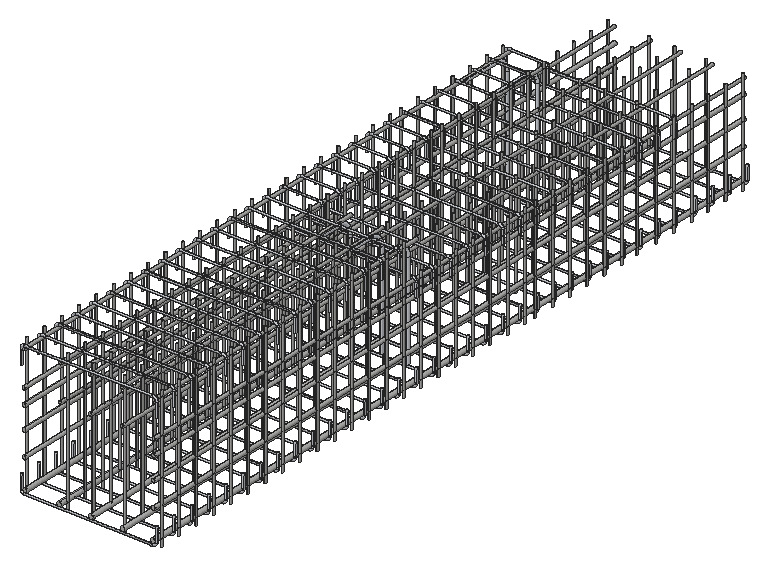
Revit family "261_Каркас пространственный КП4", category Обобщенные модели, Revit 2016 (continued)
Nested families
  nested 56: "361_Арматурная форма 1" at (322, 1545, 500) x (0, 0, 1) z (1, 0, 0), type "Параметрический"
    with Рзм.Длина 970 mm, Рзм.Диаметр 12 mm, Орг.УровеньТекстовый "", Орг.ОбознчТома(Комплекта) "", Орг.НомерЛистаЭлемента "", Орг.ИзделиеТипПодсчета 2, Орг.ИдентификацияЭлемента1 "", Орг.ИдентификацияЭлемента "", Мрк.Обозначение "ГОСТ 5781-82", Мрк.Наименование "Ø12 А240 ГОСТ 5781-82", Мрк.МаркаКонструкции "", Мрк.МаркаИзделия3 "", Мрк.МаркаИзделия2 "", Мрк.МаркаИзделия1 "Каркас плоский КР 30", Мрк.МаркаИзделия "Каркас пространственный КП 4", Мрк.Марка "6", Арм.РазмерR 0 mm, Арм.РазмерJ 0 mm, Арм.РазмерG 0 mm, Арм.РазмерF 0 mm, Арм.РазмерE 0 mm, Арм.РазмерD 0 mm, Арм.РазмерC 0 mm, Арм.РазмерB 0 mm, Арм.РазмерA 970 mm, Арм.ПогМетрыВкл no, Арм.КоэфНахлеста 1, Арм.Класс 1240
  nested 57: "361_Арматурная форма 1" at (322, 1695, 500) x (0, 0, 1) z (1, 0, 0), type "Параметрический"
    with Рзм.Длина 970 mm, Рзм.Диаметр 12 mm, Орг.УровеньТекстовый "", Орг.ОбознчТома(Комплекта) "", Орг.НомерЛистаЭлемента "", Орг.ИзделиеТипПодсчета 2, Орг.ИдентификацияЭлемента1 "", Орг.ИдентификацияЭлемента "", Мрк.Обозначение "ГОСТ 5781-82", Мрк.Наименование "Ø12 А240 ГОСТ 5781-82", Мрк.МаркаКонструкции "", Мрк.МаркаИзделия3 "", Мрк.МаркаИзделия2 "", Мрк.МаркаИзделия1 "Каркас плоский КР 30", Мрк.МаркаИзделия "Каркас пространственный КП 4", Мрк.Марка "6", Арм.РазмерR 0 mm, Арм.РазмерJ 0 mm, Арм.РазмерG 0 mm, Арм.РазмерF 0 mm, Арм.РазмерE 0 mm, Арм.РазмерD 0 mm, Арм.РазмерC 0 mm, Арм.РазмерB 0 mm, Арм.РазмерA 970 mm, Арм.ПогМетрыВкл no, Арм.КоэфНахлеста 1, Арм.Класс 1240
  nested 58: "361_Арматурная форма 1" at (322, 1845, 500) x (0, 0, 1) z (1, 0, 0), type "Параметрический"
    with Рзм.Длина 970 mm, Рзм.Диаметр 12 mm, Орг.УровеньТекстовый "", Орг.ОбознчТома(Комплекта) "", Орг.НомерЛистаЭлемента "", Орг.ИзделиеТипПодсчета 2, Орг.ИдентификацияЭлемента1 "", Орг.ИдентификацияЭлемента "", Мрк.Обозначение "ГОСТ 5781-82", Мрк.Наименование "Ø12 А240 ГОСТ 5781-82", Мрк.МаркаКонструкции "", Мрк.МаркаИзделия3 "", Мрк.МаркаИзделия2 "", Мрк.МаркаИзделия1 "Каркас плоский КР 30", Мрк.МаркаИзделия "Каркас пространственный КП 4", Мрк.Марка "6", Арм.РазмерR 0 mm, Арм.РазмерJ 0 mm, Арм.РазмерG 0 mm, Арм.РазмерF 0 mm, Арм.РазмерE 0 mm, Арм.РазмерD 0 mm, Арм.РазмерC 0 mm, Арм.РазмерB 0 mm, Арм.РазмерA 970 mm, Арм.ПогМетрыВкл no, Арм.КоэфНахлеста 1, Арм.Класс 1240
  nested 59: "361_Арматурная форма 1" at (322, 1995, 500) x (0, 0, 1) z (1, 0, 0), type "Параметрический"
    with Рзм.Длина 970 mm, Рзм.Диаметр 12 mm, Орг.УровеньТекстовый "", Орг.ОбознчТома(Комплекта) "", Орг.НомерЛистаЭлемента "", Орг.ИзделиеТипПодсчета 2, Орг.ИдентификацияЭлемента1 "", Орг.ИдентификацияЭлемента "", Мрк.Обозначение "ГОСТ 5781-82", Мрк.Наименование "Ø12 А240 ГОСТ 5781-82", Мрк.МаркаКонструкции "", Мрк.МаркаИзделия3 "", Мрк.МаркаИзделия2 "", Мрк.МаркаИзделия1 "Каркас плоский КР 30", Мрк.МаркаИзделия "Каркас пространственный КП 4", Мрк.Марка "6", Арм.РазмерR 0 mm, Арм.РазмерJ 0 mm, Арм.РазмерG 0 mm, Арм.РазмерF 0 mm, Арм.РазмерE 0 mm, Арм.РазмерD 0 mm, Арм.РазмерC 0 mm, Арм.РазмерB 0 mm, Арм.РазмерA 970 mm, Арм.ПогМетрыВкл no, Арм.КоэфНахлеста 1, Арм.Класс 1240
  nested 60: "361_Арматурная форма 1" at (322, 2145, 500) x (0, 0, 1) z (1, 0, 0), type "Параметрический"
    with Рзм.Длина 970 mm, Рзм.Диаметр 12 mm, Орг.УровеньТекстовый "", Орг.ОбознчТома(Комплекта) "", Орг.НомерЛистаЭлемента "", Орг.ИзделиеТипПодсчета 2, Орг.ИдентификацияЭлемента1 "", Орг.ИдентификацияЭлемента "", Мрк.Обозначение "ГОСТ 5781-82", Мрк.Наименование "Ø12 А240 ГОСТ 5781-82", Мрк.МаркаКонструкции "", Мрк.МаркаИзделия3 "", Мрк.МаркаИзделия2 "", Мрк.МаркаИзделия1 "Каркас плоский КР 30", Мрк.МаркаИзделия "Каркас пространственный КП 4", Мрк.Марка "6", Арм.РазмерR 0 mm, Арм.РазмерJ 0 mm, Арм.РазмерG 0 mm, Арм.РазмерF 0 mm, Арм.РазмерE 0 mm, Арм.РазмерD 0 mm, Арм.РазмерC 0 mm, Арм.РазмерB 0 mm, Арм.РазмерA 970 mm, Арм.ПогМетрыВкл no, Арм.КоэфНахлеста 1, Арм.Класс 1240
  nested 61: "361_Арматурная форма 1" at (322, 2295, 500) x (0, 0, 1) z (1, 0, 0), type "Параметрический"
    with Рзм.Длина 970 mm, Рзм.Диаметр 12 mm, Орг.УровеньТекстовый "", Орг.ОбознчТома(Комплекта) "", Орг.НомерЛистаЭлемента "", Орг.ИзделиеТипПодсчета 2, Орг.ИдентификацияЭлемента1 "", Орг.ИдентификацияЭлемента "", Мрк.Обозначение "ГОСТ 5781-82", Мрк.Наименование "Ø12 А240 ГОСТ 5781-82", Мрк.МаркаКонструкции "", Мрк.МаркаИзделия3 "", Мрк.МаркаИзделия2 "", Мрк.МаркаИзделия1 "Каркас плоский КР 30", Мрк.МаркаИзделия "Каркас пространственный КП 4", Мрк.Марка "6", Арм.РазмерR 0 mm, Арм.РазмерJ 0 mm, Арм.РазмерG 0 mm, Арм.РазмерF 0 mm, Арм.РазмерE 0 mm, Арм.РазмерD 0 mm, Арм.РазмерC 0 mm, Арм.РазмерB 0 mm, Арм.РазмерA 970 mm, Арм.ПогМетрыВкл no, Арм.КоэфНахлеста 1, Арм.Класс 1240
  nested 62: "361_Арматурная форма 1" at (322, 2445, 500) x (0, 0, 1) z (1, 0, 0), type "Параметрический"
    with Рзм.Длина 970 mm, Рзм.Диаметр 12 mm, Орг.УровеньТекстовый "", Орг.ОбознчТома(Комплекта) "", Орг.НомерЛистаЭлемента "", Орг.ИзделиеТипПодсчета 2, Орг.ИдентификацияЭлемента1 "", Орг.ИдентификацияЭлемента "", Мрк.Обозначение "ГОСТ 5781-82", Мрк.Наименование "Ø12 А240 ГОСТ 5781-82", Мрк.МаркаКонструкции "", Мрк.МаркаИзделия3 "", Мрк.МаркаИзделия2 "", Мрк.МаркаИзделия1 "Каркас плоский КР 30", Мрк.МаркаИзделия "Каркас пространственный КП 4", Мрк.Марка "6", Арм.РазмерR 0 mm, Арм.РазмерJ 0 mm, Арм.РазмерG 0 mm, Арм.РазмерF 0 mm, Арм.РазмерE 0 mm, Арм.РазмерD 0 mm, Арм.РазмерC 0 mm, Арм.РазмерB 0 mm, Арм.РазмерA 970 mm, Арм.ПогМетрыВкл no, Арм.КоэфНахлеста 1, Арм.Класс 1240
  nested 63: "361_Арматурная форма 1" at (322, 2595, 500) x (0, 0, 1) z (1, 0, 0), type "Параметрический"
    with Рзм.Длина 970 mm, Рзм.Диаметр 12 mm, Орг.УровеньТекстовый "", Орг.ОбознчТома(Комплекта) "", Орг.НомерЛистаЭлемента "", Орг.ИзделиеТипПодсчета 2, Орг.ИдентификацияЭлемента1 "", Орг.ИдентификацияЭлемента "", Мрк.Обозначение "ГОСТ 5781-82", Мрк.Наименование "Ø12 А240 ГОСТ 5781-82", Мрк.МаркаКонструкции "", Мрк.МаркаИзделия3 "", Мрк.МаркаИзделия2 "", Мрк.МаркаИзделия1 "Каркас плоский КР 30", Мрк.МаркаИзделия "Каркас пространственный КП 4", Мрк.Марка "6", Арм.РазмерR 0 mm, Арм.РазмерJ 0 mm, Арм.РазмерG 0 mm, Арм.РазмерF 0 mm, Арм.РазмерE 0 mm, Арм.РазмерD 0 mm, Арм.РазмерC 0 mm, Арм.РазмерB 0 mm, Арм.РазмерA 970 mm, Арм.ПогМетрыВкл no, Арм.КоэфНахлеста 1, Арм.Класс 1240
  nested 64: "361_Арматурная форма 1" at (322, 2745, 500) x (0, 0, 1) z (1, 0, 0), type "Параметрический"
    with Рзм.Длина 970 mm, Рзм.Диаметр 12 mm, Орг.УровеньТекстовый "", Орг.ОбознчТома(Комплекта) "", Орг.НомерЛистаЭлемента "", Орг.ИзделиеТипПодсчета 2, Орг.ИдентификацияЭлемента1 "", Орг.ИдентификацияЭлемента "", Мрк.Обозначение "ГОСТ 5781-82", Мрк.Наименование "Ø12 А240 ГОСТ 5781-82", Мрк.МаркаКонструкции "", Мрк.МаркаИзделия3 "", Мрк.МаркаИзделия2 "", Мрк.МаркаИзделия1 "Каркас плоский КР 30", Мрк.МаркаИзделия "Каркас пространственный КП 4", Мрк.Марка "6", Арм.РазмерR 0 mm, Арм.РазмерJ 0 mm, Арм.РазмерG 0 mm, Арм.РазмерF 0 mm, Арм.РазмерE 0 mm, Арм.РазмерD 0 mm, Арм.РазмерC 0 mm, Арм.РазмерB 0 mm, Арм.РазмерA 970 mm, Арм.ПогМетрыВкл no, Арм.КоэфНахлеста 1, Арм.Класс 1240
  nested 65: "361_Арматурная форма 1" at (322, 2895, 500) x (0, 0, 1) z (1, 0, 0), type "Параметрический"
    with Рзм.Длина 970 mm, Рзм.Диаметр 12 mm, Орг.УровеньТекстовый "", Орг.ОбознчТома(Комплекта) "", Орг.НомерЛистаЭлемента "", Орг.ИзделиеТипПодсчета 2, Орг.ИдентификацияЭлемента1 "", Орг.ИдентификацияЭлемента "", Мрк.Обозначение "ГОСТ 5781-82", Мрк.Наименование "Ø12 А240 ГОСТ 5781-82", Мрк.МаркаКонструкции "", Мрк.МаркаИзделия3 "", Мрк.МаркаИзделия2 "", Мрк.МаркаИзделия1 "Каркас плоский КР 30", Мрк.МаркаИзделия "Каркас пространственный КП 4", Мрк.Марка "6", Арм.РазмерR 0 mm, Арм.РазмерJ 0 mm, Арм.РазмерG 0 mm, Арм.РазмерF 0 mm, Арм.РазмерE 0 mm, Арм.РазмерD 0 mm, Арм.РазмерC 0 mm, Арм.РазмерB 0 mm, Арм.РазмерA 970 mm, Арм.ПогМетрыВкл no, Арм.КоэфНахлеста 1, Арм.Класс 1240
  nested 66: "361_Арматурная форма 1" at (322, 3045, 500) x (0, 0, 1) z (1, 0, 0), type "Параметрический"
    with Рзм.Длина 970 mm, Рзм.Диаметр 12 mm, Орг.УровеньТекстовый "", Орг.ОбознчТома(Комплекта) "", Орг.НомерЛистаЭлемента "", Орг.ИзделиеТипПодсчета 2, Орг.ИдентификацияЭлемента1 "", Орг.ИдентификацияЭлемента "", Мрк.Обозначение "ГОСТ 5781-82", Мрк.Наименование "Ø12 А240 ГОСТ 5781-82", Мрк.МаркаКонструкции "", Мрк.МаркаИзделия3 "", Мрк.МаркаИзделия2 "", Мрк.МаркаИзделия1 "Каркас плоский КР 30", Мрк.МаркаИзделия "Каркас пространственный КП 4", Мрк.Марка "6", Арм.РазмерR 0 mm, Арм.РазмерJ 0 mm, Арм.РазмерG 0 mm, Арм.РазмерF 0 mm, Арм.РазмерE 0 mm, Арм.РазмерD 0 mm, Арм.РазмерC 0 mm, Арм.РазмерB 0 mm, Арм.РазмерA 970 mm, Арм.ПогМетрыВкл no, Арм.КоэфНахлеста 1, Арм.Класс 1240
  nested 67: "361_Арматурная форма 1" at (322, 3195, 500) x (0, 0, 1) z (1, 0, 0), type "Параметрический"
    with Рзм.Длина 970 mm, Рзм.Диаметр 12 mm, Орг.УровеньТекстовый "", Орг.ОбознчТома(Комплекта) "", Орг.НомерЛистаЭлемента "", Орг.ИзделиеТипПодсчета 2, Орг.ИдентификацияЭлемента1 "", Орг.ИдентификацияЭлемента "", Мрк.Обозначение "ГОСТ 5781-82", Мрк.Наименование "Ø12 А240 ГОСТ 5781-82", Мрк.МаркаКонструкции "", Мрк.МаркаИзделия3 "", Мрк.МаркаИзделия2 "", Мрк.МаркаИзделия1 "Каркас плоский КР 30", Мрк.МаркаИзделия "Каркас пространственный КП 4", Мрк.Марка "6", Арм.РазмерR 0 mm, Арм.РазмерJ 0 mm, Арм.РазмерG 0 mm, Арм.РазмерF 0 mm, Арм.РазмерE 0 mm, Арм.РазмерD 0 mm, Арм.РазмерC 0 mm, Арм.РазмерB 0 mm, Арм.РазмерA 970 mm, Арм.ПогМетрыВкл no, Арм.КоэфНахлеста 1, Арм.Класс 1240
  nested 68: "361_Арматурная форма 1" at (322, 3285, 500) x (0, 0, 1) z (1, 0, 0), type "Параметрический"
    with Рзм.Длина 970 mm, Рзм.Диаметр 12 mm, Орг.УровеньТекстовый "", Орг.ОбознчТома(Комплекта) "", Орг.НомерЛистаЭлемента "", Орг.ИзделиеТипПодсчета 2, Орг.ИдентификацияЭлемента1 "", Орг.ИдентификацияЭлемента "", Мрк.Обозначение "ГОСТ 5781-82", Мрк.Наименование "Ø12 А240 ГОСТ 5781-82", Мрк.МаркаКонструкции "", Мрк.МаркаИзделия3 "", Мрк.МаркаИзделия2 "", Мрк.МаркаИзделия1 "Каркас плоский КР 30", Мрк.МаркаИзделия "Каркас пространственный КП 4", Мрк.Марка "6", Арм.РазмерR 0 mm, Арм.РазмерJ 0 mm, Арм.РазмерG 0 mm, Арм.РазмерF 0 mm, Арм.РазмерE 0 mm, Арм.РазмерD 0 mm, Арм.РазмерC 0 mm, Арм.РазмерB 0 mm, Арм.РазмерA 970 mm, Арм.ПогМетрыВкл no, Арм.КоэфНахлеста 1, Арм.Класс 1240
  nested 69: "361_Арматурная форма 1" at (322, 3435, 500) x (0, 0, 1) z (1, 0, 0), type "Параметрический"
    with Рзм.Длина 970 mm, Рзм.Диаметр 12 mm, Орг.УровеньТекстовый "", Орг.ОбознчТома(Комплекта) "", Орг.НомерЛистаЭлемента "", Орг.ИзделиеТипПодсчета 2, Орг.ИдентификацияЭлемента1 "", Орг.ИдентификацияЭлемента "", Мрк.Обозначение "ГОСТ 5781-82", Мрк.Наименование "Ø12 А240 ГОСТ 5781-82", Мрк.МаркаКонструкции "", Мрк.МаркаИзделия3 "", Мрк.МаркаИзделия2 "", Мрк.МаркаИзделия1 "Каркас плоский КР 30", Мрк.МаркаИзделия "Каркас пространственный КП 4", Мрк.Марка "6", Арм.РазмерR 0 mm, Арм.РазмерJ 0 mm, Арм.РазмерG 0 mm, Арм.РазмерF 0 mm, Арм.РазмерE 0 mm, Арм.РазмерD 0 mm, Арм.РазмерC 0 mm, Арм.РазмерB 0 mm, Арм.РазмерA 970 mm, Арм.ПогМетрыВкл no, Арм.КоэфНахлеста 1, Арм.Класс 1240
  nested 70: "361_Арматурная форма 1" at (322, 3585, 500) x (0, 0, 1) z (1, 0, 0), type "Параметрический"
    with Рзм.Длина 970 mm, Рзм.Диаметр 12 mm, Орг.УровеньТекстовый "", Орг.ОбознчТома(Комплекта) "", Орг.НомерЛистаЭлемента "", Орг.ИзделиеТипПодсчета 2, Орг.ИдентификацияЭлемента1 "", Орг.ИдентификацияЭлемента "", Мрк.Обозначение "ГОСТ 5781-82", Мрк.Наименование "Ø12 А240 ГОСТ 5781-82", Мрк.МаркаКонструкции "", Мрк.МаркаИзделия3 "", Мрк.МаркаИзделия2 "", Мрк.МаркаИзделия1 "Каркас плоский КР 30", Мрк.МаркаИзделия "Каркас пространственный КП 4", Мрк.Марка "6", Арм.РазмерR 0 mm, Арм.РазмерJ 0 mm, Арм.РазмерG 0 mm, Арм.РазмерF 0 mm, Арм.РазмерE 0 mm, Арм.РазмерD 0 mm, Арм.РазмерC 0 mm, Арм.РазмерB 0 mm, Арм.РазмерA 970 mm, Арм.ПогМетрыВкл no, Арм.КоэфНахлеста 1, Арм.Класс 1240
  nested 71: "361_Арматурная форма 1" at (322, 3735, 500) x (0, 0, 1) z (1, 0, 0), type "Параметрический"
    with Рзм.Длина 970 mm, Рзм.Диаметр 12 mm, Орг.УровеньТекстовый "", Орг.ОбознчТома(Комплекта) "", Орг.НомерЛистаЭлемента "", Орг.ИзделиеТипПодсчета 2, Орг.ИдентификацияЭлемента1 "", Орг.ИдентификацияЭлемента "", Мрк.Обозначение "ГОСТ 5781-82", Мрк.Наименование "Ø12 А240 ГОСТ 5781-82", Мрк.МаркаКонструкции "", Мрк.МаркаИзделия3 "", Мрк.МаркаИзделия2 "", Мрк.МаркаИзделия1 "Каркас плоский КР 30", Мрк.МаркаИзделия "Каркас пространственный КП 4", Мрк.Марка "6", Арм.РазмерR 0 mm, Арм.РазмерJ 0 mm, Арм.РазмерG 0 mm, Арм.РазмерF 0 mm, Арм.РазмерE 0 mm, Арм.РазмерD 0 mm, Арм.РазмерC 0 mm, Арм.РазмерB 0 mm, Арм.РазмерA 970 mm, Арм.ПогМетрыВкл no, Арм.КоэфНахлеста 1, Арм.Класс 1240
  nested 72: "361_Арматурная форма 1" at (322, 3885, 500) x (0, 0, 1) z (1, 0, 0), type "Параметрический"
    with Рзм.Длина 970 mm, Рзм.Диаметр 12 mm, Орг.УровеньТекстовый "", Орг.ОбознчТома(Комплекта) "", Орг.НомерЛистаЭлемента "", Орг.ИзделиеТипПодсчета 2, Орг.ИдентификацияЭлемента1 "", Орг.ИдентификацияЭлемента "", Мрк.Обозначение "ГОСТ 5781-82", Мрк.Наименование "Ø12 А240 ГОСТ 5781-82", Мрк.МаркаКонструкции "", Мрк.МаркаИзделия3 "", Мрк.МаркаИзделия2 "", Мрк.МаркаИзделия1 "Каркас плоский КР 30", Мрк.МаркаИзделия "Каркас пространственный КП 4", Мрк.Марка "6", Арм.РазмерR 0 mm, Арм.РазмерJ 0 mm, Арм.РазмерG 0 mm, Арм.РазмерF 0 mm, Арм.РазмерE 0 mm, Арм.РазмерD 0 mm, Арм.РазмерC 0 mm, Арм.РазмерB 0 mm, Арм.РазмерA 970 mm, Арм.ПогМетрыВкл no, Арм.КоэфНахлеста 1, Арм.Класс 1240
  nested 73: "361_Арматурная форма 1" at (322, 4035, 500) x (0, 0, 1) z (1, 0, 0), type "Параметрический"
    with Рзм.Длина 970 mm, Рзм.Диаметр 12 mm, Орг.УровеньТекстовый "", Орг.ОбознчТома(Комплекта) "", Орг.НомерЛистаЭлемента "", Орг.ИзделиеТипПодсчета 2, Орг.ИдентификацияЭлемента1 "", Орг.ИдентификацияЭлемента "", Мрк.Обозначение "ГОСТ 5781-82", Мрк.Наименование "Ø12 А240 ГОСТ 5781-82", Мрк.МаркаКонструкции "", Мрк.МаркаИзделия3 "", Мрк.МаркаИзделия2 "", Мрк.МаркаИзделия1 "Каркас плоский КР 30", Мрк.МаркаИзделия "Каркас пространственный КП 4", Мрк.Марка "6", Арм.РазмерR 0 mm, Арм.РазмерJ 0 mm, Арм.РазмерG 0 mm, Арм.РазмерF 0 mm, Арм.РазмерE 0 mm, Арм.РазмерD 0 mm, Арм.РазмерC 0 mm, Арм.РазмерB 0 mm, Арм.РазмерA 970 mm, Арм.ПогМетрыВкл no, Арм.КоэфНахлеста 1, Арм.Класс 1240
  nested 74: "361_Арматурная форма 1" at (322, 4170, 500) x (0, 0, 1) z (1, 0, 0), type "Параметрический"
    with Рзм.Длина 970 mm, Рзм.Диаметр 12 mm, Орг.УровеньТекстовый "", Орг.ОбознчТома(Комплекта) "", Орг.НомерЛистаЭлемента "", Орг.ИзделиеТипПодсчета 2, Орг.ИдентификацияЭлемента1 "", Орг.ИдентификацияЭлемента "", Мрк.Обозначение "ГОСТ 5781-82", Мрк.Наименование "Ø12 А240 ГОСТ 5781-82", Мрк.МаркаКонструкции "", Мрк.МаркаИзделия3 "", Мрк.МаркаИзделия2 "", Мрк.МаркаИзделия1 "Каркас плоский КР 30", Мрк.МаркаИзделия "Каркас пространственный КП 4", Мрк.Марка "6", Арм.РазмерR 0 mm, Арм.РазмерJ 0 mm, Арм.РазмерG 0 mm, Арм.РазмерF 0 mm, Арм.РазмерE 0 mm, Арм.РазмерD 0 mm, Арм.РазмерC 0 mm, Арм.РазмерB 0 mm, Арм.РазмерA 970 mm, Арм.ПогМетрыВкл no, Арм.КоэфНахлеста 1, Арм.Класс 1240
  nested 75: "361_Арматурная форма 1" at (322, 4335, 377.5) x (0, 0, 1) z (1, 0, 0), type "Параметрический"
    with Рзм.Длина 725 mm, Рзм.Диаметр 12 mm, Орг.УровеньТекстовый "", Орг.ОбознчТома(Комплекта) "", Орг.НомерЛистаЭлемента "", Орг.ИзделиеТипПодсчета 2, Орг.ИдентификацияЭлемента1 "", Орг.ИдентификацияЭлемента "", Мрк.Обозначение "ГОСТ 5781-82", Мрк.Наименование "Ø12 А240 ГОСТ 5781-82", Мрк.МаркаКонструкции "", Мрк.МаркаИзделия3 "", Мрк.МаркаИзделия2 "", Мрк.МаркаИзделия1 "Каркас плоский КР 30", Мрк.МаркаИзделия "Каркас пространственный КП 4", Мрк.Марка "5", Арм.РазмерR 0 mm, Арм.РазмерJ 0 mm, Арм.РазмерG 0 mm, Арм.РазмерF 0 mm, Арм.РазмерE 0 mm, Арм.РазмерD 0 mm, Арм.РазмерC 0 mm, Арм.РазмерB 0 mm, Арм.РазмерA 725 mm, Арм.ПогМетрыВкл no, Арм.КоэфНахлеста 1, Арм.Класс 1240
  nested 76: "361_Арматурная форма 1" at (322, 4485, 377.5) x (0, 0, 1) z (1, 0, 0), type "Параметрический"
    with Рзм.Длина 725 mm, Рзм.Диаметр 12 mm, Орг.УровеньТекстовый "", Орг.ОбознчТома(Комплекта) "", Орг.НомерЛистаЭлемента "", Орг.ИзделиеТипПодсчета 2, Орг.ИдентификацияЭлемента1 "", Орг.ИдентификацияЭлемента "", Мрк.Обозначение "ГОСТ 5781-82", Мрк.Наименование "Ø12 А240 ГОСТ 5781-82", Мрк.МаркаКонструкции "", Мрк.МаркаИзделия3 "", Мрк.МаркаИзделия2 "", Мрк.МаркаИзделия1 "Каркас плоский КР 30", Мрк.МаркаИзделия "Каркас пространственный КП 4", Мрк.Марка "5", Арм.РазмерR 0 mm, Арм.РазмерJ 0 mm, Арм.РазмерG 0 mm, Арм.РазмерF 0 mm, Арм.РазмерE 0 mm, Арм.РазмерD 0 mm, Арм.РазмерC 0 mm, Арм.РазмерB 0 mm, Арм.РазмерA 725 mm, Арм.ПогМетрыВкл no, Арм.КоэфНахлеста 1, Арм.Класс 1240
  nested 77: "361_Арматурная форма 1" at (322, 4645, 377.5) x (0, 0, 1) z (1, 0, 0), type "Параметрический"
    with Рзм.Длина 725 mm, Рзм.Диаметр 12 mm, Орг.УровеньТекстовый "", Орг.ОбознчТома(Комплекта) "", Орг.НомерЛистаЭлемента "", Орг.ИзделиеТипПодсчета 2, Орг.ИдентификацияЭлемента1 "", Орг.ИдентификацияЭлемента "", Мрк.Обозначение "ГОСТ 5781-82", Мрк.Наименование "Ø12 А240 ГОСТ 5781-82", Мрк.МаркаКонструкции "", Мрк.МаркаИзделия3 "", Мрк.МаркаИзделия2 "", Мрк.МаркаИзделия1 "Каркас плоский КР 30", Мрк.МаркаИзделия "Каркас пространственный КП 4", Мрк.Марка "5", Арм.РазмерR 0 mm, Арм.РазмерJ 0 mm, Арм.РазмерG 0 mm, Арм.РазмерF 0 mm, Арм.РазмерE 0 mm, Арм.РазмерD 0 mm, Арм.РазмерC 0 mm, Арм.РазмерB 0 mm, Арм.РазмерA 725 mm, Арм.ПогМетрыВкл no, Арм.КоэфНахлеста 1, Арм.Класс 1240
  nested 78: "361_Арматурная форма 1" at (322, 4785, 377.5) x (0, 0, 1) z (1, 0, 0), type "Параметрический"
    with Рзм.Длина 725 mm, Рзм.Диаметр 12 mm, Орг.УровеньТекстовый "", Орг.ОбознчТома(Комплекта) "", Орг.НомерЛистаЭлемента "", Орг.ИзделиеТипПодсчета 2, Орг.ИдентификацияЭлемента1 "", Орг.ИдентификацияЭлемента "", Мрк.Обозначение "ГОСТ 5781-82", Мрк.Наименование "Ø12 А240 ГОСТ 5781-82", Мрк.МаркаКонструкции "", Мрк.МаркаИзделия3 "", Мрк.МаркаИзделия2 "", Мрк.МаркаИзделия1 "Каркас плоский КР 30", Мрк.МаркаИзделия "Каркас пространственный КП 4", Мрк.Марка "5", Арм.РазмерR 0 mm, Арм.РазмерJ 0 mm, Арм.РазмерG 0 mm, Арм.РазмерF 0 mm, Арм.РазмерE 0 mm, Арм.РазмерD 0 mm, Арм.РазмерC 0 mm, Арм.РазмерB 0 mm, Арм.РазмерA 725 mm, Арм.ПогМетрыВкл no, Арм.КоэфНахлеста 1, Арм.Класс 1240
  nested 79: "361_Арматурная форма 1" at (322, 4935, 377.5) x (0, 0, 1) z (1, 0, 0), type "Параметрический"
    with Рзм.Длина 725 mm, Рзм.Диаметр 12 mm, Орг.УровеньТекстовый "", Орг.ОбознчТома(Комплекта) "", Орг.НомерЛистаЭлемента "", Орг.ИзделиеТипПодсчета 2, Орг.ИдентификацияЭлемента1 "", Орг.ИдентификацияЭлемента "", Мрк.Обозначение "ГОСТ 5781-82", Мрк.Наименование "Ø12 А240 ГОСТ 5781-82", Мрк.МаркаКонструкции "", Мрк.МаркаИзделия3 "", Мрк.МаркаИзделия2 "", Мрк.МаркаИзделия1 "Каркас плоский КР 30", Мрк.МаркаИзделия "Каркас пространственный КП 4", Мрк.Марка "5", Арм.РазмерR 0 mm, Арм.РазмерJ 0 mm, Арм.РазмерG 0 mm, Арм.РазмерF 0 mm, Арм.РазмерE 0 mm, Арм.РазмерD 0 mm, Арм.РазмерC 0 mm, Арм.РазмерB 0 mm, Арм.РазмерA 725 mm, Арм.ПогМетрыВкл no, Арм.КоэфНахлеста 1, Арм.Класс 1240
  nested 80: "361_Арматурная форма 1" at (322, 5085, 377.5) x (0, 0, 1) z (1, 0, 0), type "Параметрический"
    with Рзм.Длина 725 mm, Рзм.Диаметр 12 mm, Орг.УровеньТекстовый "", Орг.ОбознчТома(Комплекта) "", Орг.НомерЛистаЭлемента "", Орг.ИзделиеТипПодсчета 2, Орг.ИдентификацияЭлемента1 "", Орг.ИдентификацияЭлемента "", Мрк.Обозначение "ГОСТ 5781-82", Мрк.Наименование "Ø12 А240 ГОСТ 5781-82", Мрк.МаркаКонструкции "", Мрк.МаркаИзделия3 "", Мрк.МаркаИзделия2 "", Мрк.МаркаИзделия1 "Каркас плоский КР 30", Мрк.МаркаИзделия "Каркас пространственный КП 4", Мрк.Марка "5", Арм.РазмерR 0 mm, Арм.РазмерJ 0 mm, Арм.РазмерG 0 mm, Арм.РазмерF 0 mm, Арм.РазмерE 0 mm, Арм.РазмерD 0 mm, Арм.РазмерC 0 mm, Арм.РазмерB 0 mm, Арм.РазмерA 725 mm, Арм.ПогМетрыВкл no, Арм.КоэфНахлеста 1, Арм.Класс 1240
  nested 81: "361_Арматурная форма 1" at (306, 2112.5, 940) x (0, -1, 0) z (1, 0, 0), type "Параметрический"
    with Рзм.Длина 4225 mm, Рзм.Диаметр 20 mm, Орг.УровеньТекстовый "", Орг.ОбознчТома(Комплекта) "", Орг.НомерЛистаЭлемента "", Орг.ИзделиеТипПодсчета 2, Орг.ИдентификацияЭлемента1 "", Орг.ИдентификацияЭлемента "", Мрк.Обозначение "ГОСТ 5781-82", Мрк.Наименование "Ø20 А240 ГОСТ 5781-82", Мрк.МаркаКонструкции "", Мрк.МаркаИзделия3 "", Мрк.МаркаИзделия2 "", Мрк.МаркаИзделия1 "Каркас плоский КР 30", Мрк.МаркаИзделия "Каркас пространственный КП 4", Мрк.Марка "4", Арм.РазмерR 0 mm, Арм.РазмерJ 0 mm, Арм.РазмерG 0 mm, Арм.РазмерF 0 mm, Арм.РазмерE 0 mm, Арм.РазмерD 0 mm, Арм.РазмерC 0 mm, Арм.РазмерB 0 mm, Арм.РазмерA 4225 mm, Арм.ПогМетрыВкл no, Арм.КоэфНахлеста 1, Арм.Класс 1240
  nested 82: "361_Арматурная форма 1" at (306, 2560, 695) x (0, -1, 0) z (1, 0, 0), type "Параметрический"
    with Рзм.Длина 5120 mm, Рзм.Диаметр 20 mm, Орг.УровеньТекстовый "", Орг.ОбознчТома(Комплекта) "", Орг.НомерЛистаЭлемента "", Орг.ИзделиеТипПодсчета 2, Орг.ИдентификацияЭлемента1 "", Орг.ИдентификацияЭлемента "", Мрк.Обозначение "ГОСТ 5781-82", Мрк.Наименование "Ø20 А240 ГОСТ 5781-82", Мрк.МаркаКонструкции "", Мрк.МаркаИзделия3 "", Мрк.МаркаИзделия2 "", Мрк.МаркаИзделия1 "Каркас плоский КР 30", Мрк.МаркаИзделия "Каркас пространственный КП 4", Мрк.Марка "3", Арм.РазмерR 0 mm, Арм.РазмерJ 0 mm, Арм.РазмерG 0 mm, Арм.РазмерF 0 mm, Арм.РазмерE 0 mm, Арм.РазмерD 0 mm, Арм.РазмерC 0 mm, Арм.РазмерB 0 mm, Арм.РазмерA 5120 mm, Арм.ПогМетрыВкл no, Арм.КоэфНахлеста 1, Арм.Класс 1240
  nested 83: "361_Арматурная форма 1" at (300, 2560, 60) x (0, -1, 0) z (1, 0, 0), type "Параметрический"
    with Рзм.Длина 5120 mm, Рзм.Диаметр 32 mm, Орг.УровеньТекстовый "", Орг.ОбознчТома(Комплекта) "", Орг.НомерЛистаЭлемента "", Орг.ИзделиеТипПодсчета 2, Орг.ИдентификацияЭлемента1 "", Орг.ИдентификацияЭлемента "", Мрк.Обозначение "ГОСТ 5781-82", Мрк.Наименование "Арматура не специфицирована", Мрк.МаркаКонструкции "", Мрк.МаркаИзделия3 "", Мрк.МаркаИзделия2 "", Мрк.МаркаИзделия1 "Каркас плоский КР 30", Мрк.МаркаИзделия "Каркас пространственный КП 4", Мрк.Марка "1", Арм.РазмерR 0 mm, Арм.РазмерJ 0 mm, Арм.РазмерG 0 mm, Арм.РазмерF 0 mm, Арм.РазмерE 0 mm, Арм.РазмерD 0 mm, Арм.РазмерC 0 mm, Арм.РазмерB 0 mm, Арм.РазмерA 5120 mm, Арм.ПогМетрыВкл no, Арм.КоэфНахлеста 1, Арм.Класс 1240
  nested 84: "261_Каркас плоский КР 31" at (498, 0, 0) x (0, 1, 0) z (1, 0, 0), Орг.ИдентификацияЭлемента <- "Орг.ИдентификацияЭлемента", Орг.ИдентификацияЭлемента1 <- "Орг.ИдентификацияЭлемента1", Орг.ИдентификацияЭлемента2 <- "Орг.ИдентификацияЭлемента2", Мрк.МаркаИзделия <- "Мрк.МаркаИзделия", Мрк.МаркаКонструкции <- "Мрк.МаркаКонструкции", Орг.ОбознчТома(Комплекта) <- "Орг.ОбознчТома(Комплекта)", Орг.УровеньТекстовый <- "Орг.УровеньТекстовый", type "261_Каркас плоский КР 31"
    with Орг.УровеньТекстовый "", Орг.ОбознчТома(Комплекта) "", Орг.НомерЛистаЭлемента "", Орг.ИзделиеТипПодсчета 8, Орг.ИдентификацияЭлемента2 "", Орг.ИдентификацияЭлемента1 "", Орг.ИдентификацияЭлемента "", Мрк.Обозначение "", Мрк.Наименование "Каркас плоский КР 31", Мрк.МаркаКонструкции "", Мрк.МаркаИзделия3 "", Мрк.МаркаИзделия2 "", Мрк.МаркаИзделия1 "Каркас плоский КР 31", Мрк.МаркаИзделия "Каркас пространственный КП 4", Мрк.Марка "3"
  nested 85: "361_Арматурная форма 1" at (498, 45, 500) x (0, 0, 1) z (1, 0, 0), type "Параметрический"
    with Рзм.Длина 970 mm, Рзм.Диаметр 12 mm, Орг.УровеньТекстовый "", Орг.ОбознчТома(Комплекта) "", Орг.НомерЛистаЭлемента "", Орг.ИзделиеТипПодсчета 2, Орг.ИдентификацияЭлемента1 "", Орг.ИдентификацияЭлемента "", Мрк.Обозначение "ГОСТ 5781-82", Мрк.Наименование "Ø12 А240 ГОСТ 5781-82", Мрк.МаркаКонструкции "", Мрк.МаркаИзделия3 "", Мрк.МаркаИзделия2 "", Мрк.МаркаИзделия1 "Каркас плоский КР 31", Мрк.МаркаИзделия "Каркас пространственный КП 4", Мрк.Марка "5", Арм.РазмерR 0 mm, Арм.РазмерJ 0 mm, Арм.РазмерG 0 mm, Арм.РазмерF 0 mm, Арм.РазмерE 0 mm, Арм.РазмерD 0 mm, Арм.РазмерC 0 mm, Арм.РазмерB 0 mm, Арм.РазмерA 970 mm, Арм.ПогМетрыВкл no, Арм.КоэфНахлеста 1, Арм.Класс 1240
  nested 86: "361_Арматурная форма 2" at (534, 2225, 559.782) x (0, 0, -1) z (1, 0, 0), type "Параметрический"
    with Рзм.РасчетныйРадиус 90 mm, Рзм.Длина 985.664 mm, Рзм.Диаметр 20 mm, Орг.УровеньТекстовый "", Орг.ОбознчТома(Комплекта) "", Орг.НомерЛистаЭлемента "", Орг.ИзделиеТипПодсчета 2, Орг.ИдентификацияЭлемента2 "", Орг.ИдентификацияЭлемента1 "", Орг.ИдентификацияЭлемента "", Мсв.Количество 1, Мрк.Обозначение "ГОСТ 5781-82", Мрк.Наименование "Ø20 А240 ГОСТ 5781-82", Мрк.МаркаКонструкции "", Мрк.МаркаИзделия3 "", Мрк.МаркаИзделия2 "", Мрк.МаркаИзделия1 "Каркас плоский КР 31", Мрк.МаркаИзделия "Каркас пространственный КП 4", Мрк.Марка "8", Арм.РазмерR 80 mm, Арм.РазмерJ 0 mm, Арм.РазмерG 0 mm, Арм.РазмерF 0 mm, Арм.РазмерE 0 mm, Арм.РазмерD 0 mm, Арм.РазмерC 0 mm, Арм.РазмерB 760 mm, Арм.РазмерA 260 mm, Арм.ПогМетрыВкл no, Арм.КоэфНахлеста 1, Арм.Класс 1240
  nested 87: "361_Арматурная форма 1" at (498, 195, 500) x (0, 0, 1) z (1, 0, 0), type "Параметрический"
    with Рзм.Длина 970 mm, Рзм.Диаметр 12 mm, Орг.УровеньТекстовый "", Орг.ОбознчТома(Комплекта) "", Орг.НомерЛистаЭлемента "", Орг.ИзделиеТипПодсчета 2, Орг.ИдентификацияЭлемента1 "", Орг.ИдентификацияЭлемента "", Мрк.Обозначение "ГОСТ 5781-82", Мрк.Наименование "Ø12 А240 ГОСТ 5781-82", Мрк.МаркаКонструкции "", Мрк.МаркаИзделия3 "", Мрк.МаркаИзделия2 "", Мрк.МаркаИзделия1 "Каркас плоский КР 31", Мрк.МаркаИзделия "Каркас пространственный КП 4", Мрк.Марка "5", Арм.РазмерR 0 mm, Арм.РазмерJ 0 mm, Арм.РазмерG 0 mm, Арм.РазмерF 0 mm, Арм.РазмерE 0 mm, Арм.РазмерD 0 mm, Арм.РазмерC 0 mm, Арм.РазмерB 0 mm, Арм.РазмерA 970 mm, Арм.ПогМетрыВкл no, Арм.КоэфНахлеста 1, Арм.Класс 1240
  nested 88: "361_Арматурная форма 1" at (498, 345, 500) x (0, 0, 1) z (1, 0, 0), type "Параметрический"
    with Рзм.Длина 970 mm, Рзм.Диаметр 12 mm, Орг.УровеньТекстовый "", Орг.ОбознчТома(Комплекта) "", Орг.НомерЛистаЭлемента "", Орг.ИзделиеТипПодсчета 2, Орг.ИдентификацияЭлемента1 "", Орг.ИдентификацияЭлемента "", Мрк.Обозначение "ГОСТ 5781-82", Мрк.Наименование "Ø12 А240 ГОСТ 5781-82", Мрк.МаркаКонструкции "", Мрк.МаркаИзделия3 "", Мрк.МаркаИзделия2 "", Мрк.МаркаИзделия1 "Каркас плоский КР 31", Мрк.МаркаИзделия "Каркас пространственный КП 4", Мрк.Марка "5", Арм.РазмерR 0 mm, Арм.РазмерJ 0 mm, Арм.РазмерG 0 mm, Арм.РазмерF 0 mm, Арм.РазмерE 0 mm, Арм.РазмерD 0 mm, Арм.РазмерC 0 mm, Арм.РазмерB 0 mm, Арм.РазмерA 970 mm, Арм.ПогМетрыВкл no, Арм.КоэфНахлеста 1, Арм.Класс 1240
  nested 89: "361_Арматурная форма 1" at (498, 495, 500) x (0, 0, 1) z (1, 0, 0), type "Параметрический"
    with Рзм.Длина 970 mm, Рзм.Диаметр 12 mm, Орг.УровеньТекстовый "", Орг.ОбознчТома(Комплекта) "", Орг.НомерЛистаЭлемента "", Орг.ИзделиеТипПодсчета 2, Орг.ИдентификацияЭлемента1 "", Орг.ИдентификацияЭлемента "", Мрк.Обозначение "ГОСТ 5781-82", Мрк.Наименование "Ø12 А240 ГОСТ 5781-82", Мрк.МаркаКонструкции "", Мрк.МаркаИзделия3 "", Мрк.МаркаИзделия2 "", Мрк.МаркаИзделия1 "Каркас плоский КР 31", Мрк.МаркаИзделия "Каркас пространственный КП 4", Мрк.Марка "5", Арм.РазмерR 0 mm, Арм.РазмерJ 0 mm, Арм.РазмерG 0 mm, Арм.РазмерF 0 mm, Арм.РазмерE 0 mm, Арм.РазмерD 0 mm, Арм.РазмерC 0 mm, Арм.РазмерB 0 mm, Арм.РазмерA 970 mm, Арм.ПогМетрыВкл no, Арм.КоэфНахлеста 1, Арм.Класс 1240
  nested 90: "361_Арматурная форма 1" at (498, 645, 500) x (0, 0, 1) z (1, 0, 0), type "Параметрический"
    with Рзм.Длина 970 mm, Рзм.Диаметр 12 mm, Орг.УровеньТекстовый "", Орг.ОбознчТома(Комплекта) "", Орг.НомерЛистаЭлемента "", Орг.ИзделиеТипПодсчета 2, Орг.ИдентификацияЭлемента1 "", Орг.ИдентификацияЭлемента "", Мрк.Обозначение "ГОСТ 5781-82", Мрк.Наименование "Ø12 А240 ГОСТ 5781-82", Мрк.МаркаКонструкции "", Мрк.МаркаИзделия3 "", Мрк.МаркаИзделия2 "", Мрк.МаркаИзделия1 "Каркас плоский КР 31", Мрк.МаркаИзделия "Каркас пространственный КП 4", Мрк.Марка "5", Арм.РазмерR 0 mm, Арм.РазмерJ 0 mm, Арм.РазмерG 0 mm, Арм.РазмерF 0 mm, Арм.РазмерE 0 mm, Арм.РазмерD 0 mm, Арм.РазмерC 0 mm, Арм.РазмерB 0 mm, Арм.РазмерA 970 mm, Арм.ПогМетрыВкл no, Арм.КоэфНахлеста 1, Арм.Класс 1240
  nested 91: "361_Арматурная форма 1" at (498, 795, 500) x (0, 0, 1) z (1, 0, 0), type "Параметрический"
    with Рзм.Длина 970 mm, Рзм.Диаметр 12 mm, Орг.УровеньТекстовый "", Орг.ОбознчТома(Комплекта) "", Орг.НомерЛистаЭлемента "", Орг.ИзделиеТипПодсчета 2, Орг.ИдентификацияЭлемента1 "", Орг.ИдентификацияЭлемента "", Мрк.Обозначение "ГОСТ 5781-82", Мрк.Наименование "Ø12 А240 ГОСТ 5781-82", Мрк.МаркаКонструкции "", Мрк.МаркаИзделия3 "", Мрк.МаркаИзделия2 "", Мрк.МаркаИзделия1 "Каркас плоский КР 31", Мрк.МаркаИзделия "Каркас пространственный КП 4", Мрк.Марка "5", Арм.РазмерR 0 mm, Арм.РазмерJ 0 mm, Арм.РазмерG 0 mm, Арм.РазмерF 0 mm, Арм.РазмерE 0 mm, Арм.РазмерD 0 mm, Арм.РазмерC 0 mm, Арм.РазмерB 0 mm, Арм.РазмерA 970 mm, Арм.ПогМетрыВкл no, Арм.КоэфНахлеста 1, Арм.Класс 1240
  nested 92: "361_Арматурная форма 1" at (498, 945, 500) x (0, 0, 1) z (1, 0, 0), type "Параметрический"
    with Рзм.Длина 970 mm, Рзм.Диаметр 12 mm, Орг.УровеньТекстовый "", Орг.ОбознчТома(Комплекта) "", Орг.НомерЛистаЭлемента "", Орг.ИзделиеТипПодсчета 2, Орг.ИдентификацияЭлемента1 "", Орг.ИдентификацияЭлемента "", Мрк.Обозначение "ГОСТ 5781-82", Мрк.Наименование "Ø12 А240 ГОСТ 5781-82", Мрк.МаркаКонструкции "", Мрк.МаркаИзделия3 "", Мрк.МаркаИзделия2 "", Мрк.МаркаИзделия1 "Каркас плоский КР 31", Мрк.МаркаИзделия "Каркас пространственный КП 4", Мрк.Марка "5", Арм.РазмерR 0 mm, Арм.РазмерJ 0 mm, Арм.РазмерG 0 mm, Арм.РазмерF 0 mm, Арм.РазмерE 0 mm, Арм.РазмерD 0 mm, Арм.РазмерC 0 mm, Арм.РазмерB 0 mm, Арм.РазмерA 970 mm, Арм.ПогМетрыВкл no, Арм.КоэфНахлеста 1, Арм.Класс 1240
  nested 93: "361_Арматурная форма 1" at (498, 1095, 500) x (0, 0, 1) z (1, 0, 0), type "Параметрический"
    with Рзм.Длина 970 mm, Рзм.Диаметр 12 mm, Орг.УровеньТекстовый "", Орг.ОбознчТома(Комплекта) "", Орг.НомерЛистаЭлемента "", Орг.ИзделиеТипПодсчета 2, Орг.ИдентификацияЭлемента1 "", Орг.ИдентификацияЭлемента "", Мрк.Обозначение "ГОСТ 5781-82", Мрк.Наименование "Ø12 А240 ГОСТ 5781-82", Мрк.МаркаКонструкции "", Мрк.МаркаИзделия3 "", Мрк.МаркаИзделия2 "", Мрк.МаркаИзделия1 "Каркас плоский КР 31", Мрк.МаркаИзделия "Каркас пространственный КП 4", Мрк.Марка "5", Арм.РазмерR 0 mm, Арм.РазмерJ 0 mm, Арм.РазмерG 0 mm, Арм.РазмерF 0 mm, Арм.РазмерE 0 mm, Арм.РазмерD 0 mm, Арм.РазмерC 0 mm, Арм.РазмерB 0 mm, Арм.РазмерA 970 mm, Арм.ПогМетрыВкл no, Арм.КоэфНахлеста 1, Арм.Класс 1240
  nested 94: "361_Арматурная форма 1" at (498, 1245, 500) x (0, 0, 1) z (1, 0, 0), type "Параметрический"
    with Рзм.Длина 970 mm, Рзм.Диаметр 12 mm, Орг.УровеньТекстовый "", Орг.ОбознчТома(Комплекта) "", Орг.НомерЛистаЭлемента "", Орг.ИзделиеТипПодсчета 2, Орг.ИдентификацияЭлемента1 "", Орг.ИдентификацияЭлемента "", Мрк.Обозначение "ГОСТ 5781-82", Мрк.Наименование "Ø12 А240 ГОСТ 5781-82", Мрк.МаркаКонструкции "", Мрк.МаркаИзделия3 "", Мрк.МаркаИзделия2 "", Мрк.МаркаИзделия1 "Каркас плоский КР 31", Мрк.МаркаИзделия "Каркас пространственный КП 4", Мрк.Марка "5", Арм.РазмерR 0 mm, Арм.РазмерJ 0 mm, Арм.РазмерG 0 mm, Арм.РазмерF 0 mm, Арм.РазмерE 0 mm, Арм.РазмерD 0 mm, Арм.РазмерC 0 mm, Арм.РазмерB 0 mm, Арм.РазмерA 970 mm, Арм.ПогМетрыВкл no, Арм.КоэфНахлеста 1, Арм.Класс 1240
  nested 95: "361_Арматурная форма 1" at (498, 1395, 500) x (0, 0, 1) z (1, 0, 0), type "Параметрический"
    with Рзм.Длина 970 mm, Рзм.Диаметр 12 mm, Орг.УровеньТекстовый "", Орг.ОбознчТома(Комплекта) "", Орг.НомерЛистаЭлемента "", Орг.ИзделиеТипПодсчета 2, Орг.ИдентификацияЭлемента1 "", Орг.ИдентификацияЭлемента "", Мрк.Обозначение "ГОСТ 5781-82", Мрк.Наименование "Ø12 А240 ГОСТ 5781-82", Мрк.МаркаКонструкции "", Мрк.МаркаИзделия3 "", Мрк.МаркаИзделия2 "", Мрк.МаркаИзделия1 "Каркас плоский КР 31", Мрк.МаркаИзделия "Каркас пространственный КП 4", Мрк.Марка "5", Арм.РазмерR 0 mm, Арм.РазмерJ 0 mm, Арм.РазмерG 0 mm, Арм.РазмерF 0 mm, Арм.РазмерE 0 mm, Арм.РазмерD 0 mm, Арм.РазмерC 0 mm, Арм.РазмерB 0 mm, Арм.РазмерA 970 mm, Арм.ПогМетрыВкл no, Арм.КоэфНахлеста 1, Арм.Класс 1240
  nested 96: "361_Арматурная форма 1" at (498, 1545, 500) x (0, 0, 1) z (1, 0, 0), type "Параметрический"
    with Рзм.Длина 970 mm, Рзм.Диаметр 12 mm, Орг.УровеньТекстовый "", Орг.ОбознчТома(Комплекта) "", Орг.НомерЛистаЭлемента "", Орг.ИзделиеТипПодсчета 2, Орг.ИдентификацияЭлемента1 "", Орг.ИдентификацияЭлемента "", Мрк.Обозначение "ГОСТ 5781-82", Мрк.Наименование "Ø12 А240 ГОСТ 5781-82", Мрк.МаркаКонструкции "", Мрк.МаркаИзделия3 "", Мрк.МаркаИзделия2 "", Мрк.МаркаИзделия1 "Каркас плоский КР 31", Мрк.МаркаИзделия "Каркас пространственный КП 4", Мрк.Марка "5", Арм.РазмерR 0 mm, Арм.РазмерJ 0 mm, Арм.РазмерG 0 mm, Арм.РазмерF 0 mm, Арм.РазмерE 0 mm, Арм.РазмерD 0 mm, Арм.РазмерC 0 mm, Арм.РазмерB 0 mm, Арм.РазмерA 970 mm, Арм.ПогМетрыВкл no, Арм.КоэфНахлеста 1, Арм.Класс 1240
  nested 97: "361_Арматурная форма 1" at (498, 1695, 500) x (0, 0, 1) z (1, 0, 0), type "Параметрический"
    with Рзм.Длина 970 mm, Рзм.Диаметр 12 mm, Орг.УровеньТекстовый "", Орг.ОбознчТома(Комплекта) "", Орг.НомерЛистаЭлемента "", Орг.ИзделиеТипПодсчета 2, Орг.ИдентификацияЭлемента1 "", Орг.ИдентификацияЭлемента "", Мрк.Обозначение "ГОСТ 5781-82", Мрк.Наименование "Ø12 А240 ГОСТ 5781-82", Мрк.МаркаКонструкции "", Мрк.МаркаИзделия3 "", Мрк.МаркаИзделия2 "", Мрк.МаркаИзделия1 "Каркас плоский КР 31", Мрк.МаркаИзделия "Каркас пространственный КП 4", Мрк.Марка "5", Арм.РазмерR 0 mm, Арм.РазмерJ 0 mm, Арм.РазмерG 0 mm, Арм.РазмерF 0 mm, Арм.РазмерE 0 mm, Арм.РазмерD 0 mm, Арм.РазмерC 0 mm, Арм.РазмерB 0 mm, Арм.РазмерA 970 mm, Арм.ПогМетрыВкл no, Арм.КоэфНахлеста 1, Арм.Класс 1240
  nested 98: "361_Арматурная форма 1" at (498, 1845, 500) x (0, 0, 1) z (1, 0, 0), type "Параметрический"
    with Рзм.Длина 970 mm, Рзм.Диаметр 12 mm, Орг.УровеньТекстовый "", Орг.ОбознчТома(Комплекта) "", Орг.НомерЛистаЭлемента "", Орг.ИзделиеТипПодсчета 2, Орг.ИдентификацияЭлемента1 "", Орг.ИдентификацияЭлемента "", Мрк.Обозначение "ГОСТ 5781-82", Мрк.Наименование "Ø12 А240 ГОСТ 5781-82", Мрк.МаркаКонструкции "", Мрк.МаркаИзделия3 "", Мрк.МаркаИзделия2 "", Мрк.МаркаИзделия1 "Каркас плоский КР 31", Мрк.МаркаИзделия "Каркас пространственный КП 4", Мрк.Марка "5", Арм.РазмерR 0 mm, Арм.РазмерJ 0 mm, Арм.РазмерG 0 mm, Арм.РазмерF 0 mm, Арм.РазмерE 0 mm, Арм.РазмерD 0 mm, Арм.РазмерC 0 mm, Арм.РазмерB 0 mm, Арм.РазмерA 970 mm, Арм.ПогМетрыВкл no, Арм.КоэфНахлеста 1, Арм.Класс 1240
  nested 99: "361_Арматурная форма 1" at (498, 1995, 500) x (0, 0, 1) z (1, 0, 0), type "Параметрический"
    with Рзм.Длина 970 mm, Рзм.Диаметр 12 mm, Орг.УровеньТекстовый "", Орг.ОбознчТома(Комплекта) "", Орг.НомерЛистаЭлемента "", Орг.ИзделиеТипПодсчета 2, Орг.ИдентификацияЭлемента1 "", Орг.ИдентификацияЭлемента "", Мрк.Обозначение "ГОСТ 5781-82", Мрк.Наименование "Ø12 А240 ГОСТ 5781-82", Мрк.МаркаКонструкции "", Мрк.МаркаИзделия3 "", Мрк.МаркаИзделия2 "", Мрк.МаркаИзделия1 "Каркас плоский КР 31", Мрк.МаркаИзделия "Каркас пространственный КП 4", Мрк.Марка "5", Арм.РазмерR 0 mm, Арм.РазмерJ 0 mm, Арм.РазмерG 0 mm, Арм.РазмерF 0 mm, Арм.РазмерE 0 mm, Арм.РазмерD 0 mm, Арм.РазмерC 0 mm, Арм.РазмерB 0 mm, Арм.РазмерA 970 mm, Арм.ПогМетрыВкл no, Арм.КоэфНахлеста 1, Арм.Класс 1240
  nested 100: "361_Арматурная форма 1" at (498, 2145, 500) x (0, 0, 1) z (1, 0, 0), type "Параметрический"
    with Рзм.Длина 970 mm, Рзм.Диаметр 12 mm, Орг.УровеньТекстовый "", Орг.ОбознчТома(Комплекта) "", Орг.НомерЛистаЭлемента "", Орг.ИзделиеТипПодсчета 2, Орг.ИдентификацияЭлемента1 "", Орг.ИдентификацияЭлемента "", Мрк.Обозначение "ГОСТ 5781-82", Мрк.Наименование "Ø12 А240 ГОСТ 5781-82", Мрк.МаркаКонструкции "", Мрк.МаркаИзделия3 "", Мрк.МаркаИзделия2 "", Мрк.МаркаИзделия1 "Каркас плоский КР 31", Мрк.МаркаИзделия "Каркас пространственный КП 4", Мрк.Марка "5", Арм.РазмерR 0 mm, Арм.РазмерJ 0 mm, Арм.РазмерG 0 mm, Арм.РазмерF 0 mm, Арм.РазмерE 0 mm, Арм.РазмерD 0 mm, Арм.РазмерC 0 mm, Арм.РазмерB 0 mm, Арм.РазмерA 970 mm, Арм.ПогМетрыВкл no, Арм.КоэфНахлеста 1, Арм.Класс 1240
  nested 101: "361_Арматурная форма 1" at (498, 2295, 377.5) x (0, 0, 1) z (1, 0, 0), type "Параметрический"
    with Рзм.Длина 725 mm, Рзм.Диаметр 12 mm, Орг.УровеньТекстовый "", Орг.ОбознчТома(Комплекта) "", Орг.НомерЛистаЭлемента "", Орг.ИзделиеТипПодсчета 2, Орг.ИдентификацияЭлемента1 "", Орг.ИдентификацияЭлемента "", Мрк.Обозначение "ГОСТ 5781-82", Мрк.Наименование "Ø12 А240 ГОСТ 5781-82", Мрк.МаркаКонструкции "", Мрк.МаркаИзделия3 "", Мрк.МаркаИзделия2 "", Мрк.МаркаИзделия1 "Каркас плоский КР 31", Мрк.МаркаИзделия "Каркас пространственный КП 4", Мрк.Марка "6", Арм.РазмерR 0 mm, Арм.РазмерJ 0 mm, Арм.РазмерG 0 mm, Арм.РазмерF 0 mm, Арм.РазмерE 0 mm, Арм.РазмерD 0 mm, Арм.РазмерC 0 mm, Арм.РазмерB 0 mm, Арм.РазмерA 725 mm, Арм.ПогМетрыВкл no, Арм.КоэфНахлеста 1, Арм.Класс 1240
  nested 102: "361_Арматурная форма 1" at (498, 2445, 377.5) x (0, 0, 1) z (1, 0, 0), type "Параметрический"
    with Рзм.Длина 725 mm, Рзм.Диаметр 12 mm, Орг.УровеньТекстовый "", Орг.ОбознчТома(Комплекта) "", Орг.НомерЛистаЭлемента "", Орг.ИзделиеТипПодсчета 2, Орг.ИдентификацияЭлемента1 "", Орг.ИдентификацияЭлемента "", Мрк.Обозначение "ГОСТ 5781-82", Мрк.Наименование "Ø12 А240 ГОСТ 5781-82", Мрк.МаркаКонструкции "", Мрк.МаркаИзделия3 "", Мрк.МаркаИзделия2 "", Мрк.МаркаИзделия1 "Каркас плоский КР 31", Мрк.МаркаИзделия "Каркас пространственный КП 4", Мрк.Марка "6", Арм.РазмерR 0 mm, Арм.РазмерJ 0 mm, Арм.РазмерG 0 mm, Арм.РазмерF 0 mm, Арм.РазмерE 0 mm, Арм.РазмерD 0 mm, Арм.РазмерC 0 mm, Арм.РазмерB 0 mm, Арм.РазмерA 725 mm, Арм.ПогМетрыВкл no, Арм.КоэфНахлеста 1, Арм.Класс 1240
  nested 103: "361_Арматурная форма 1" at (498, 2595, 377.5) x (0, 0, 1) z (1, 0, 0), type "Параметрический"
    with Рзм.Длина 725 mm, Рзм.Диаметр 12 mm, Орг.УровеньТекстовый "", Орг.ОбознчТома(Комплекта) "", Орг.НомерЛистаЭлемента "", Орг.ИзделиеТипПодсчета 2, Орг.ИдентификацияЭлемента1 "", Орг.ИдентификацияЭлемента "", Мрк.Обозначение "ГОСТ 5781-82", Мрк.Наименование "Ø12 А240 ГОСТ 5781-82", Мрк.МаркаКонструкции "", Мрк.МаркаИзделия3 "", Мрк.МаркаИзделия2 "", Мрк.МаркаИзделия1 "Каркас плоский КР 31", Мрк.МаркаИзделия "Каркас пространственный КП 4", Мрк.Марка "6", Арм.РазмерR 0 mm, Арм.РазмерJ 0 mm, Арм.РазмерG 0 mm, Арм.РазмерF 0 mm, Арм.РазмерE 0 mm, Арм.РазмерD 0 mm, Арм.РазмерC 0 mm, Арм.РазмерB 0 mm, Арм.РазмерA 725 mm, Арм.ПогМетрыВкл no, Арм.КоэфНахлеста 1, Арм.Класс 1240
  nested 104: "361_Арматурная форма 1" at (498, 2745, 377.5) x (0, 0, 1) z (1, 0, 0), type "Параметрический"
    with Рзм.Длина 725 mm, Рзм.Диаметр 12 mm, Орг.УровеньТекстовый "", Орг.ОбознчТома(Комплекта) "", Орг.НомерЛистаЭлемента "", Орг.ИзделиеТипПодсчета 2, Орг.ИдентификацияЭлемента1 "", Орг.ИдентификацияЭлемента "", Мрк.Обозначение "ГОСТ 5781-82", Мрк.Наименование "Ø12 А240 ГОСТ 5781-82", Мрк.МаркаКонструкции "", Мрк.МаркаИзделия3 "", Мрк.МаркаИзделия2 "", Мрк.МаркаИзделия1 "Каркас плоский КР 31", Мрк.МаркаИзделия "Каркас пространственный КП 4", Мрк.Марка "6", Арм.РазмерR 0 mm, Арм.РазмерJ 0 mm, Арм.РазмерG 0 mm, Арм.РазмерF 0 mm, Арм.РазмерE 0 mm, Арм.РазмерD 0 mm, Арм.РазмерC 0 mm, Арм.РазмерB 0 mm, Арм.РазмерA 725 mm, Арм.ПогМетрыВкл no, Арм.КоэфНахлеста 1, Арм.Класс 1240
  nested 105: "361_Арматурная форма 1" at (498, 2895, 377.5) x (0, 0, 1) z (1, 0, 0), type "Параметрический"
    with Рзм.Длина 725 mm, Рзм.Диаметр 12 mm, Орг.УровеньТекстовый "", Орг.ОбознчТома(Комплекта) "", Орг.НомерЛистаЭлемента "", Орг.ИзделиеТипПодсчета 2, Орг.ИдентификацияЭлемента1 "", Орг.ИдентификацияЭлемента "", Мрк.Обозначение "ГОСТ 5781-82", Мрк.Наименование "Ø12 А240 ГОСТ 5781-82", Мрк.МаркаКонструкции "", Мрк.МаркаИзделия3 "", Мрк.МаркаИзделия2 "", Мрк.МаркаИзделия1 "Каркас плоский КР 31", Мрк.МаркаИзделия "Каркас пространственный КП 4", Мрк.Марка "6", Арм.РазмерR 0 mm, Арм.РазмерJ 0 mm, Арм.РазмерG 0 mm, Арм.РазмерF 0 mm, Арм.РазмерE 0 mm, Арм.РазмерD 0 mm, Арм.РазмерC 0 mm, Арм.РазмерB 0 mm, Арм.РазмерA 725 mm, Арм.ПогМетрыВкл no, Арм.КоэфНахлеста 1, Арм.Класс 1240
  nested 106: "361_Арматурная форма 1" at (498, 3045, 377.5) x (0, 0, 1) z (1, 0, 0), type "Параметрический"
    with Рзм.Длина 725 mm, Рзм.Диаметр 12 mm, Орг.УровеньТекстовый "", Орг.ОбознчТома(Комплекта) "", Орг.НомерЛистаЭлемента "", Орг.ИзделиеТипПодсчета 2, Орг.ИдентификацияЭлемента1 "", Орг.ИдентификацияЭлемента "", Мрк.Обозначение "ГОСТ 5781-82", Мрк.Наименование "Ø12 А240 ГОСТ 5781-82", Мрк.МаркаКонструкции "", Мрк.МаркаИзделия3 "", Мрк.МаркаИзделия2 "", Мрк.МаркаИзделия1 "Каркас плоский КР 31", Мрк.МаркаИзделия "Каркас пространственный КП 4", Мрк.Марка "6", Арм.РазмерR 0 mm, Арм.РазмерJ 0 mm, Арм.РазмерG 0 mm, Арм.РазмерF 0 mm, Арм.РазмерE 0 mm, Арм.РазмерD 0 mm, Арм.РазмерC 0 mm, Арм.РазмерB 0 mm, Арм.РазмерA 725 mm, Арм.ПогМетрыВкл no, Арм.КоэфНахлеста 1, Арм.Класс 1240
  nested 107: "361_Арматурная форма 1" at (498, 3195, 377.5) x (0, 0, 1) z (1, 0, 0), type "Параметрический"
    with Рзм.Длина 725 mm, Рзм.Диаметр 12 mm, Орг.УровеньТекстовый "", Орг.ОбознчТома(Комплекта) "", Орг.НомерЛистаЭлемента "", Орг.ИзделиеТипПодсчета 2, Орг.ИдентификацияЭлемента1 "", Орг.ИдентификацияЭлемента "", Мрк.Обозначение "ГОСТ 5781-82", Мрк.Наименование "Ø12 А240 ГОСТ 5781-82", Мрк.МаркаКонструкции "", Мрк.МаркаИзделия3 "", Мрк.МаркаИзделия2 "", Мрк.МаркаИзделия1 "Каркас плоский КР 31", Мрк.МаркаИзделия "Каркас пространственный КП 4", Мрк.Марка "6", Арм.РазмерR 0 mm, Арм.РазмерJ 0 mm, Арм.РазмерG 0 mm, Арм.РазмерF 0 mm, Арм.РазмерE 0 mm, Арм.РазмерD 0 mm, Арм.РазмерC 0 mm, Арм.РазмерB 0 mm, Арм.РазмерA 725 mm, Арм.ПогМетрыВкл no, Арм.КоэфНахлеста 1, Арм.Класс 1240
  nested 108: "361_Арматурная форма 1" at (498, 3285, 377.5) x (0, 0, 1) z (1, 0, 0), type "Параметрический"
    with Рзм.Длина 725 mm, Рзм.Диаметр 12 mm, Орг.УровеньТекстовый "", Орг.ОбознчТома(Комплекта) "", Орг.НомерЛистаЭлемента "", Орг.ИзделиеТипПодсчета 2, Орг.ИдентификацияЭлемента1 "", Орг.ИдентификацияЭлемента "", Мрк.Обозначение "ГОСТ 5781-82", Мрк.Наименование "Ø12 А240 ГОСТ 5781-82", Мрк.МаркаКонструкции "", Мрк.МаркаИзделия3 "", Мрк.МаркаИзделия2 "", Мрк.МаркаИзделия1 "Каркас плоский КР 31", Мрк.МаркаИзделия "Каркас пространственный КП 4", Мрк.Марка "6", Арм.РазмерR 0 mm, Арм.РазмерJ 0 mm, Арм.РазмерG 0 mm, Арм.РазмерF 0 mm, Арм.РазмерE 0 mm, Арм.РазмерD 0 mm, Арм.РазмерC 0 mm, Арм.РазмерB 0 mm, Арм.РазмерA 725 mm, Арм.ПогМетрыВкл no, Арм.КоэфНахлеста 1, Арм.Класс 1240
  nested 109: "361_Арматурная форма 1" at (498, 3435, 377.5) x (0, 0, 1) z (1, 0, 0), type "Параметрический"
    with Рзм.Длина 725 mm, Рзм.Диаметр 12 mm, Орг.УровеньТекстовый "", Орг.ОбознчТома(Комплекта) "", Орг.НомерЛистаЭлемента "", Орг.ИзделиеТипПодсчета 2, Орг.ИдентификацияЭлемента1 "", Орг.ИдентификацияЭлемента "", Мрк.Обозначение "ГОСТ 5781-82", Мрк.Наименование "Ø12 А240 ГОСТ 5781-82", Мрк.МаркаКонструкции "", Мрк.МаркаИзделия3 "", Мрк.МаркаИзделия2 "", Мрк.МаркаИзделия1 "Каркас плоский КР 31", Мрк.МаркаИзделия "Каркас пространственный КП 4", Мрк.Марка "6", Арм.РазмерR 0 mm, Арм.РазмерJ 0 mm, Арм.РазмерG 0 mm, Арм.РазмерF 0 mm, Арм.РазмерE 0 mm, Арм.РазмерD 0 mm, Арм.РазмерC 0 mm, Арм.РазмерB 0 mm, Арм.РазмерA 725 mm, Арм.ПогМетрыВкл no, Арм.КоэфНахлеста 1, Арм.Класс 1240
  nested 110: "361_Арматурная форма 1" at (498, 3585, 377.5) x (0, 0, 1) z (1, 0, 0), type "Параметрический"
    with Рзм.Длина 725 mm, Рзм.Диаметр 12 mm, Орг.УровеньТекстовый "", Орг.ОбознчТома(Комплекта) "", Орг.НомерЛистаЭлемента "", Орг.ИзделиеТипПодсчета 2, Орг.ИдентификацияЭлемента1 "", Орг.ИдентификацияЭлемента "", Мрк.Обозначение "ГОСТ 5781-82", Мрк.Наименование "Ø12 А240 ГОСТ 5781-82", Мрк.МаркаКонструкции "", Мрк.МаркаИзделия3 "", Мрк.МаркаИзделия2 "", Мрк.МаркаИзделия1 "Каркас плоский КР 31", Мрк.МаркаИзделия "Каркас пространственный КП 4", Мрк.Марка "6", Арм.РазмерR 0 mm, Арм.РазмерJ 0 mm, Арм.РазмерG 0 mm, Арм.РазмерF 0 mm, Арм.РазмерE 0 mm, Арм.РазмерD 0 mm, Арм.РазмерC 0 mm, Арм.РазмерB 0 mm, Арм.РазмерA 725 mm, Арм.ПогМетрыВкл no, Арм.КоэфНахлеста 1, Арм.Класс 1240
  nested 111: "361_Арматурная форма 1" at (498, 3735, 377.5) x (0, 0, 1) z (1, 0, 0), type "Параметрический"
    with Рзм.Длина 725 mm, Рзм.Диаметр 12 mm, Орг.УровеньТекстовый "", Орг.ОбознчТома(Комплекта) "", Орг.НомерЛистаЭлемента "", Орг.ИзделиеТипПодсчета 2, Орг.ИдентификацияЭлемента1 "", Орг.ИдентификацияЭлемента "", Мрк.Обозначение "ГОСТ 5781-82", Мрк.Наименование "Ø12 А240 ГОСТ 5781-82", Мрк.МаркаКонструкции "", Мрк.МаркаИзделия3 "", Мрк.МаркаИзделия2 "", Мрк.МаркаИзделия1 "Каркас плоский КР 31", Мрк.МаркаИзделия "Каркас пространственный КП 4", Мрк.Марка "6", Арм.РазмерR 0 mm, Арм.РазмерJ 0 mm, Арм.РазмерG 0 mm, Арм.РазмерF 0 mm, Арм.РазмерE 0 mm, Арм.РазмерD 0 mm, Арм.РазмерC 0 mm, Арм.РазмерB 0 mm, Арм.РазмерA 725 mm, Арм.ПогМетрыВкл no, Арм.КоэфНахлеста 1, Арм.Класс 1240
  nested 112: "361_Арматурная форма 1" at (498, 3885, 377.5) x (0, 0, 1) z (1, 0, 0), type "Параметрический"
    with Рзм.Длина 725 mm, Рзм.Диаметр 12 mm, Орг.УровеньТекстовый "", Орг.ОбознчТома(Комплекта) "", Орг.НомерЛистаЭлемента "", Орг.ИзделиеТипПодсчета 2, Орг.ИдентификацияЭлемента1 "", Орг.ИдентификацияЭлемента "", Мрк.Обозначение "ГОСТ 5781-82", Мрк.Наименование "Ø12 А240 ГОСТ 5781-82", Мрк.МаркаКонструкции "", Мрк.МаркаИзделия3 "", Мрк.МаркаИзделия2 "", Мрк.МаркаИзделия1 "Каркас плоский КР 31", Мрк.МаркаИзделия "Каркас пространственный КП 4", Мрк.Марка "6", Арм.РазмерR 0 mm, Арм.РазмерJ 0 mm, Арм.РазмерG 0 mm, Арм.РазмерF 0 mm, Арм.РазмерE 0 mm, Арм.РазмерD 0 mm, Арм.РазмерC 0 mm, Арм.РазмерB 0 mm, Арм.РазмерA 725 mm, Арм.ПогМетрыВкл no, Арм.КоэфНахлеста 1, Арм.Класс 1240
